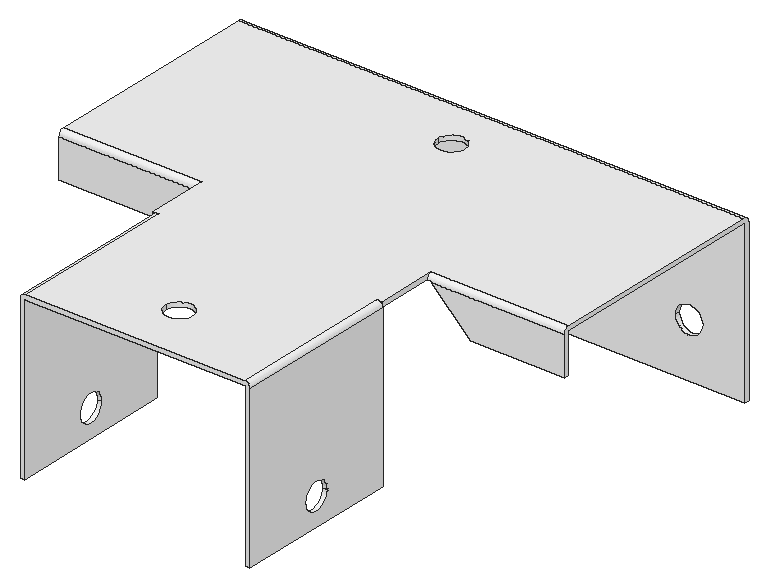
Revit family "newsq-tclip", category 機械設備, Revit 2020
Family settings
  丸型コネクタ寸法 = 直径を使用
  種別 = なし
  パーツ タイプ = 標準
  作業面ベース = いいえ
  常に垂直 = はい
  ロード時にボイドで切り取り = いいえ
  共有 = いいえ
  部屋計算ポイント = いいえ
Parameters
  製造元 = "株式会社桐井製作所"
  既定の高さ = 0 mm
  URL = "https://www.kirii.co.jp/"
  K_材質 = "溶融亜鉛めっき鋼板"
  K_品名 = "新SQ-Tクリップ"
  K_名称 = "SQ-BAR関連部材"
  K_入数 = "130"
  K_バージョン情報 = "20210524"
Reference planes
  plane 1 "中心(正面/背面)": y = 0
  plane 2: z = 0
  plane 3 "中心(左/右)": x = 0
Forms (mm)
  Extrusion 1, solid
    sketch origin (0, 0, 0) x (0, 1, 0) y (0, 0, 1)
      loop
        line (0.8, -7.2) -> (0.8, 0) -> (40.8, 0) -> (40.8, -29.2) -> (41.6, -29.2) -> (41.6, -0.2)
        arc (41.6, -0.2) -> (41.307, 0.507) -> (40.6, 0.8) r 1
        line (40.6, 0.8) -> (1, 0.8)
        arc (1, 0.8) -> (0.293, 0.507) -> (0, -0.2) r 1
        line (0, -0.2) -> (0, -7.2) -> (0.8, -7.2)
    from -45.75 to 45.75
  Extrusion 2, solid
    sketch origin (0, 0, 0) x (1, 0, 0) y (0, 0, 1)
      loop
        line (-20, -29.2) -> (-20, 0) -> (20, 0) -> (20, -29.2) -> (20.8, -29.2) -> (20.8, -0.2)
        arc (20.8, -0.2) -> (20.507, 0.507) -> (19.8, 0.8) r 1
        line (19.8, 0.8) -> (-19.8, 0.8)
        arc (-19.8, 0.8) -> (-20.507, 0.507) -> (-20.8, -0.2) r 1
        line (-20.8, -0.2) -> (-20.8, -29.2) -> (-20, -29.2)
    from 40 to 10
  Extrusion 3, solid
    sketch origin (0, 0, 0) x (1, 0, 0) y (0, 0, 1)
      loop
        line (-20.8, 0) -> (20.8, 0) -> (20.8, 0.8) -> (-20.8, 0.8) -> (-20.8, 0)
    from 10 to -2.406
  Extrusion 4, void
    sketch origin (0, 0, 0) x (1, 0, 0) y (0, 0, 1)
      loop
        line (21.6, 0) -> (-21.6, 0) -> (-29.422, -7.822) -> (29.422, -7.822) -> (21.6, 0)
    from 0.231 to -1.03
  Extrusion 5, void
    sketch origin (0, 0, 0) x (0, 1, 0) y (0, 0, 1)
      loop
        circle (-25, -24.2) r 2.5
    from 20.8 to 20
  Extrusion 6, void
    sketch origin (-25.8, 0, 0) x (0, 1, 0) y (0, 0, 1)
      loop
        circle (-25, -24.2) r 2.5
    from 5.8 to 5
  Extrusion 7, void
    sketch origin (0, 0, 0) x (1, 0, 0) y (0, 0, 1)
      loop
        circle (-35.75, -24.2) r 2.5
      loop
        circle (35.75, -19.2) r 2.5
    from -40.8 to -41.6
  Extrusion 8, void
    sketch origin (0, 0, 0) x (1, 0, 0) y (0, 1, 0)
      loop
        circle (0, 31.6) r 2.5
      loop
        circle (0, -30) r 2.5
    from 0.8 to 0
Cuts and joins
  Extrusion 4, Extrusion 6, Extrusion 7, Extrusion 8 cuts Extrusion 1
  Extrusion 4, Extrusion 5, Extrusion 6, Extrusion 8 cuts Extrusion 2
  Extrusion 4, Extrusion 6, Extrusion 8 cuts Extrusion 3
  joined: Extrusion 1, Extrusion 2, Extrusion 3
Dimensions and locks
  aligned and locked: level to plane 2
